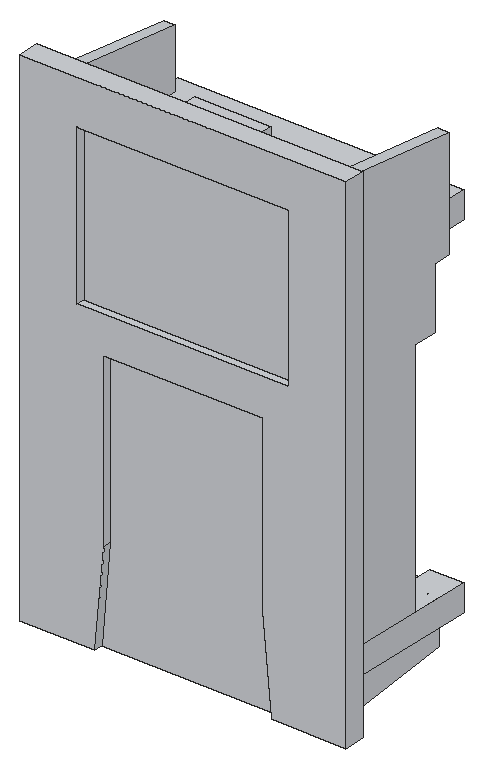
Revit family
Parameters
  Material ID = "760161067"
  Description = "LF80 FACEPLATE WHITE"
Reference planes (in)
  plane 1 "Center (Front/Back)": y = 0
  plane 2: z = 0
  plane 3 "Center (Left/Right)": x = 0
Forms (in)
  Extrusion 1, void, not visible
    sketch origin (0, 0, 0) x (1, 0, 0) y (0, 0, 1)
      loop
        line (-7.85662, 0.48089) -> (-7.85662, -0.39002) -> (-7.67285, -0.39002) -> (-7.67285, -0.64002) -> (-7.0736, -0.64002) -> (-7.0736, -0.39002) -> (-6.92978, -0.39002) -> (-6.92978, 0.48089) -> (-7.85662, 0.48089)
    from -3.79215 to 12
  Extrusion 2, void, not visible
    sketch origin (0, 0, 0) x (1, 0, 0) y (0, 0, 1)
      loop
        line (-8.21397, 0.42583) -> (-8.21397, -0.07417) -> (-8.08657, -0.07417) -> (-8.08657, -0.27417) -> (-7.83657, -0.27417) -> (-7.83657, -0.07417) -> (-7.72497, -0.07417) -> (-7.72497, 0.42583) -> (-8.21397, 0.42583)
    from 0.74059 to 3.34334
  Extrusion 3, solid
    sketch origin (0, 0, 0) x (1, 0, 0) y (0, 0, 1)
      loop
        line (-0.486, 0) -> (-0.486, -0.756) -> (0.486, -0.756) -> (0.486, 0.756) -> (-0.486, 0.756) -> (-0.486, 0)
    from 0 to 0.512
  Extrusion 4, void
    sketch origin (0, 0, 0) x (1, 0, 0) y (0, 0, 1)
      loop
        line (-0.486, 0.756) -> (-0.486, -0.756) -> (0.486, -0.756) -> (0.486, 0.756) -> (-0.486, 0.756)
      loop
        line (0.426, 0.489) -> (-0.426, 0.489) -> (-0.426, 0.409) -> (-0.376, 0.409) -> (-0.376, -0.561) -> (-0.426, -0.561) -> (-0.426, -0.641) -> (0.426, -0.641) -> (0.426, -0.561) -> (0.376, -0.561) -> (0.376, 0.409) -> (0.426, 0.409) -> (0.426, 0.489)
    from 0 to 0.45
  Extrusion 5, void
    sketch origin (0, 0, 0) x (1, 0, 0) y (0, 0, 1)
      loop
        line (0.326, 0.439) -> (-0.326, 0.439) -> (-0.326, 0.205) -> (0.326, 0.205) -> (0.326, 0.439)
      loop
        line (-0.326, -0.58901) -> (0.326, -0.58901) -> (0.326, 0.155) -> (-0.326, 0.155) -> (-0.326, -0.58901)
    from 0 to 0.45
  Extrusion 6, void
    sketch origin (0, 0, 0) x (0, 1, 0) y (0, 0, 1)
      loop
        line (0, -0.561) -> (0, 0.155) -> (0, 0.33829) -> (-0.1063, 0.33829) -> (-0.1063, 0.155) -> (-0.18174, 0.155) -> (-0.18174, -0.561) -> (0, -0.561)
    from -0.77686 to 12
  Extrusion 7, solid
    sketch origin (0, 0, 0) x (0, 1, 0) y (0, 0, 1)
      loop
        line (-0.05315, 0.33829) -> (-0.05315, 0.66645) -> (-0.45, 0.71518) -> (-0.45, -0.641) -> (-0.45, -0.73438) -> (-0.09087, -0.69029) -> (-0.09087, -0.561) -> (-0.18174, -0.561) -> (-0.18174, 0.155) -> (-0.1063, 0.155) -> (-0.1063, 0.33829) -> (-0.05315, 0.33829)
    from 0.39216 to 0.426
  Extrusion 8, solid
    sketch origin (0, 0, 0) x (0, 1, 0) y (0, 0, -1)
      loop
        line (-0.05315, -0.33829) -> (-0.1063, -0.33829) -> (-0.1063, -0.155) -> (-0.18174, -0.155) -> (-0.18174, 0.561) -> (-0.09087, 0.561) -> (-0.09087, 0.69029) -> (-0.45, 0.73438) -> (-0.45, 0.641) -> (-0.45, -0.71518) -> (-0.05315, -0.66645) -> (-0.05315, -0.33829)
    from 0.39216 to 0.426
  Extrusion 9, void
    sketch origin (0, 0, 0) x (1, 0, 0) y (0, 0, 1)
      loop
        line (-0.316, 0.623) -> (-0.316, 0.149) -> (0.315, 0.149) -> (0.315, 0.623) -> (-0.316, 0.623)
      loop
        line (-0.238, 0.039) -> (-0.238, -0.473) -> (-0.26276, -0.756) -> (0.26276, -0.756) -> (0.238, -0.473) -> (0.238, 0.039) -> (-0.238, 0.039)
    from 0.48669 to 0.51614
  Extrusion 10, solid
    sketch origin (0, 0, 0) x (1, 0, 0) y (0, 0, 1)
      loop
        line (0.13198, 0.70886) -> (-0.09355, 0.70886) -> (-0.09355, 0.64084) -> (0.13198, 0.64084) -> (0.13198, 0.70886)
      loop
        circle (0.02004, -0.69562) r 0.0393
    from 0.45 to 0.35124
Cuts and joins
  Extrusion 4, Extrusion 5, Extrusion 6, Extrusion 9 cuts Extrusion 3
